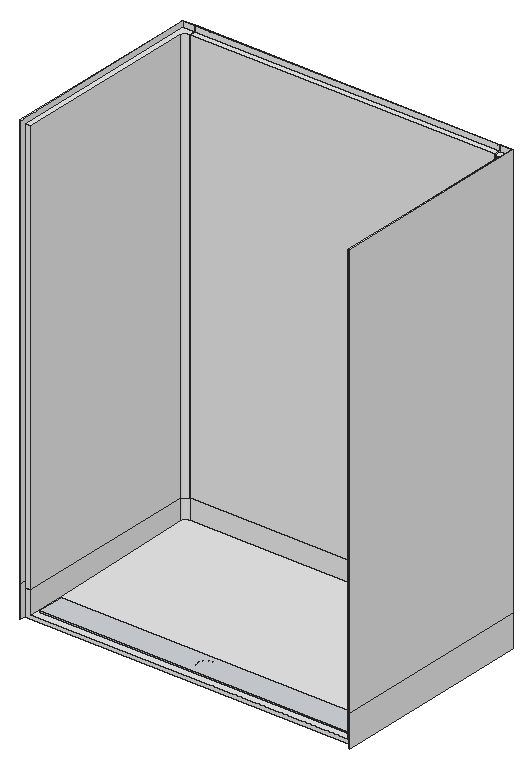
Revit family "5LRS26036FB75FTB.V3,FB2FTB.V3", category Plumbing Fixtures, Revit 2019
Family settings
  Round Connector Dimension = Use Diameter
  Part Type = Normal
  OmniClass Number = 23.45.05.14.17
  OmniClass Title = Showers
  Work Plane-Based = No
  Always vertical = Yes
  Cut with Voids When Loaded = No
  Shared = No
  Room Calculation Point = No
Parameters (values of type "5LRS26036FB75FTB.V3")
  Unit Width = 60"
  Unit Height = 81 1/4"
  Pan Height = 5 3/4"
  Unit Depth = 37"
  URL = "http://www.bestbath.com"
  Type Comments = "Barrier Free"
  Threshold Height = 3/4"
  Model = "5LRS26036FB75FTB.V3"
  Material [instance] = Best Bath Gelcoat Fiberglass - RealTile
  Manufacturer = "Best Bath Systems, Inc."
  Keynote = "22 40 00.B3"
  Description = "Trench Drain, Real Tile, Beveled Threshold"
  Assembly Code = "D2010710"
Types (3): name | Unit Height | Pan Height | Threshold Height | Model
  (no name) | 81 1/4" | 5 3/4" | 3/4" | "5LRS26036FB75FTB.V3"
  5LRS26036FB75FTB.V3 | 81 1/4" | 5 3/4" | 3/4" | "5LRS26036FB75FTB.V3"
  5LRS26036FB2FTB.V3 | 82 1/2" | 7" | 2" | "5LRS26036FB2FTB.V3"
Reference planes (in)
  plane 1 "Back": y = 6.43613
  plane 2: z = 0
  plane 3 "Left": x = 0
  plane 4: x = 60
  plane 5: z = 4.75
  plane 6: z = 0.75
  plane 7: z = 5.75
  plane 8: x = 30
  plane 9: y = -30.56387
  plane 10: y = -23.31387
  plane 11: z = 1.5
  plane 12: y = -29.56387
  plane 13: y = -25.81387
  plane 14: z = 0.875
  plane 15: y = -25.81387
  plane 16: z = 81.25
  plane 17: z = 80.25
  plane 18: y = -25.81387
Forms (in)
  Extrusion 1, solid, material "Best Bath Gelcoat Fiberglass - Smooth"
    sketch origin (0, 0, 0) x (1, 0, 0) y (0, 1, 0)
      loop
        line (0, 6.43613) -> (0, -30.56387) -> (0.125, -30.56387) -> (0.125, 6.31113) -> (59.875, 6.31113) -> (59.875, -30.56387) -> (60, -30.56387) -> (60, 6.43613) -> (0, 6.43613)
    from 0 to 5.75
  Extrusion 2, solid, material "Best Bath Gelcoat Fiberglass - Smooth"
    sketch origin (0, 0, 0) x (0, 1, 0) y (0, 0, 1)
      loop
        line (-23.31387, 0.75) -> (5.18613, 0.75) -> (5.18613, 1.25) -> (-23.31387, 0.75)
    from 0 to 60
  Extrusion 3, solid, material "Best Bath Gelcoat Fiberglass - Smooth"
    sketch origin (0, 0, 0) x (1, 0, 0) y (0, 1, 0)
      loop
        line (0, 6.43613) -> (0, -29.56387) -> (59.875, -29.56387) -> (59.875, 6.43613) -> (0, 6.43613)
      loop
        circle (30, -25.81387) r 1.5
    from 0 to 0.75
  Extrusion 4, solid, material "Best Bath Gelcoat Fiberglass - Smooth"
    sketch origin (0, 0, 0) x (1, 0, 0) y (0, 1, 0)
      loop
        line (0, 6.43613) -> (0, -29.56387) -> (1.25, -29.56387) -> (1.25, 4.18613)
        arc (1.25, 4.18613) -> (1.54289, 4.89323) -> (2.25, 5.18613) r 1
        line (2.25, 5.18613) -> (57.75, 5.18613)
        arc (57.75, 5.18613) -> (58.45711, 4.89323) -> (58.75, 4.18613) r 1
        line (58.75, 4.18613) -> (58.75, -29.56387) -> (60, -29.56387) -> (60, 6.43613) -> (0, 6.43613)
    from 0 to 4.75
  Extrusion 5, solid
    sketch origin (0, 0, 0) x (1, 0, 0) y (0, 1, 0)
      loop
        line (1.75, -23.31387) -> (1.75, -28.31387) -> (58.25, -28.31387) -> (58.25, -23.31387) -> (1.75, -23.31387)
    from 0.40753 to 0.875
  Extrusion 6, solid, material "Best Bath Gelcoat Fiberglass - Smooth"
    sketch origin (0, 0, 0) x (1, 0, 0) y (0, 1, 0)
      loop
        line (1.25, -29.56387) -> (1.25, 4.17034)
        arc (1.25, 4.17034) -> (1.54289, 4.87745) -> (2.25, 5.17034) r 1
        line (2.25, 5.17034) -> (2.25, 6.31113) -> (0.125, 6.31113) -> (0.125, -29.56387) -> (1.25, -29.56387)
      loop
        line (58.75, -29.56387) -> (59.875, -29.56387) -> (59.875, 6.31113) -> (57.75, 6.31113) -> (57.75, 5.17034)
        arc (57.75, 5.17034) -> (58.45711, 4.87745) -> (58.75, 4.17034) r 1
        line (58.75, 4.17034) -> (58.75, -29.56387)
    from 4.75 to 80.25
  Extrusion 7, solid, material "Best Bath Smoothwall"
    sketch origin (-0.02168, 0, 0) x (1, 0, 0) y (0, 1, 0)
      loop
        line (2.25, 5.18613) -> (57.75, 5.18613) -> (57.75, 6.31113) -> (2.25, 6.31113) -> (2.25, 5.18613)
    from 4.75 to 80.25
  Extrusion 8, solid, material "Best Bath Gelcoat Fiberglass - Smooth"
    sketch origin (0, 0, 0) x (1, 0, 0) y (0, 1, 0)
      loop
        line (0, -30.56387) -> (0.125, -30.56387) -> (0.125, 6.31113) -> (2.25, 6.31113) -> (2.25, 6.43613) -> (0, 6.43613) -> (0, -30.56387)
      loop
        line (60, -30.56387) -> (60, 6.43613) -> (57.75, 6.43613) -> (57.75, 6.31113) -> (59.875, 6.31113) -> (59.875, -30.56387) -> (60, -30.56387)
    from 5.75 to 81.25
  Extrusion 9, solid, material "Best Bath Smoothwall"
    sketch origin (-0.02168, 0, 0) x (1, 0, 0) y (0, 1, 0)
      loop
        line (2.25, 6.43613) -> (2.25, 6.31113) -> (57.75, 6.31113) -> (57.75, 6.43613) -> (2.25, 6.43613)
    from 0 to 81.25
Cuts and joins
  joined: Extrusion 1, Extrusion 2, Extrusion 3, Extrusion 4
  joined: Extrusion 6, Extrusion 8
  joined: Extrusion 7, Extrusion 9
Dimensions and locks (in)
  "Unit Width": plane 3 "Left" to plane 4
  "Threshold Height": plane 6 to level
  locked: plane 7 to plane 5 at 1
  "Pan Height": plane 7 to level
  equal spacing: plane 3 "Left", plane 8, plane 4
  "Unit Depth": plane 9 to plane 1 "Back"
  locked: plane 11 to plane 6 at 0.75
  locked: plane 10 to plane 9 at 7.25
  locked: plane 12 to plane 9 at 1
  plane 13 to plane 9 = 4 3/4"
  locked: plane 14 to plane 6 at 0.125
  locked: plane 10 to plane 15 at 2.5
  "Unit Height": plane 16 to level
  locked: plane 16 to plane 17 at 1
  locked: plane 18 to plane 1 "Back" at 32.25
  aligned and locked: level to plane 2
  aligned and locked: Extrusion 2 sketch curve to plane 6
  aligned and locked: plane 6 to Extrusion 3
  aligned and locked: plane 5 to Extrusion 4
  aligned and locked: plane 12 to Extrusion 3 sketch curve
  aligned and locked: plane 12 to Extrusion 4 sketch curve  (x2)
  aligned and locked: plane 7 to Extrusion 1
  aligned and locked: Extrusion 5 sketch curve to plane 10
  aligned and locked: plane 14 to Extrusion 5
  aligned and locked: Extrusion 6 to cut or joined group of Extrusion 1, Extrusion 2, Extrusion 3, Extrusion 4
  aligned and locked: plane 17 to Extrusion 6
  aligned and locked: plane 17 to Extrusion 7
  aligned and locked: plane 16 to Extrusion 8
  aligned and locked: plane 16 to Extrusion 9
  aligned and locked: Extrusion 7 to plane 5
  aligned and locked: Extrusion 8 to plane 7
Automatic sketch dimensions
  plane 3 "Left" to Extrusion 5 sketch curve = 1 3/4"
  plane 4 to Extrusion 5 sketch curve = 1 3/4"
  plane 12 to Extrusion 5 sketch curve = 1 1/4"
  Extrusion 1 sketch curve to plane 3 "Left" = 0"
  Extrusion 1 sketch curve to plane 9 = 0"  (x2)
  Extrusion 1 sketch curve to plane 4 = 0"
  plane 1 "Back" to Extrusion 1 sketch curve = 0"
  plane 3 "Left" to Extrusion 1 sketch curve = 1/8"
  plane 4 to Extrusion 1 sketch curve = 1/8"
  plane 1 "Back" to Extrusion 1 sketch curve = 1/8"
  Extrusion 2 sketch curve to plane 10 = 0"
  Extrusion 2 sketch curve to plane 11 = 1/4"
  plane 1 "Back" to Extrusion 2 sketch curve = 1 1/4"
  Extrusion 3 sketch curve to plane 3 "Left" = 0"
  Extrusion 3 sketch curve to plane 8 = 0"
  plane 1 "Back" to Extrusion 3 sketch curve = 0"
  Extrusion 3 sketch curve to plane 13 = 0"
  plane 4 to Extrusion 3 sketch curve = 1/8"
  plane 1 "Back" to Extrusion 4 sketch curve = 0"
  Extrusion 4 sketch curve to plane 3 "Left" = 0"
  Extrusion 4 sketch curve to plane 4 = 0"
  plane 3 "Left" to Extrusion 4 sketch curve = 1 1/4"
  Extrusion 4 sketch curve to Extrusion 4 sketch curve = 1"
  plane 1 "Back" to Extrusion 4 sketch curve = 1 1/4"
  plane 4 to Extrusion 4 sketch curve = 2 1/4"
  Extrusion 4 sketch curve to Extrusion 4 sketch curve = 1 1/4"
  Extrusion 6 sketch curve to plane 12 = 0"  (x2)
  plane 3 "Left" to Extrusion 6 sketch curve = 1/8"
  Extrusion 6 sketch curve to Extrusion 6 sketch curve = 1 1/8"
  Extrusion 6 sketch curve to Extrusion 6 sketch curve = 1"  (x2)
  plane 4 to Extrusion 6 sketch curve = 2 1/4"
  plane 4 to Extrusion 6 sketch curve = 1/8"
  plane 1 "Back" to Extrusion 6 sketch curve = 2.26579"  (x2)
  plane 1 "Back" to Extrusion 6 sketch curve = 1/8"  (x2)
  plane 1 "Back" to Extrusion 7 sketch curve = 1/8"
  plane 3 "Left" to Extrusion 7 sketch curve = 2.22832"
  plane 4 to Extrusion 7 sketch curve = 2.27168"
  Extrusion 7 sketch curve to Extrusion 7 sketch curve = 1 1/8"
  plane 1 "Back" to Extrusion 8 sketch curve = 0"  (x2)
  Extrusion 8 sketch curve to plane 3 "Left" = 0"
  Extrusion 8 sketch curve to plane 9 = 0"  (x2)
  Extrusion 8 sketch curve to plane 4 = 0"
  plane 3 "Left" to Extrusion 8 sketch curve = 1/8"
  Extrusion 8 sketch curve to Extrusion 8 sketch curve = 2 1/8"
  plane 1 "Back" to Extrusion 8 sketch curve = 1/8"  (x2)
  plane 4 to Extrusion 8 sketch curve = 2 1/4"
  plane 4 to Extrusion 8 sketch curve = 1/8"
  plane 1 "Back" to Extrusion 9 sketch curve = 0"
  plane 1 "Back" to Extrusion 9 sketch curve = 1/8"
  plane 3 "Left" to Extrusion 9 sketch curve = 2.22832"
  plane 4 to Extrusion 9 sketch curve = 2.27168"
  radius of Extrusion 3 sketch curve = 1 1/2"
